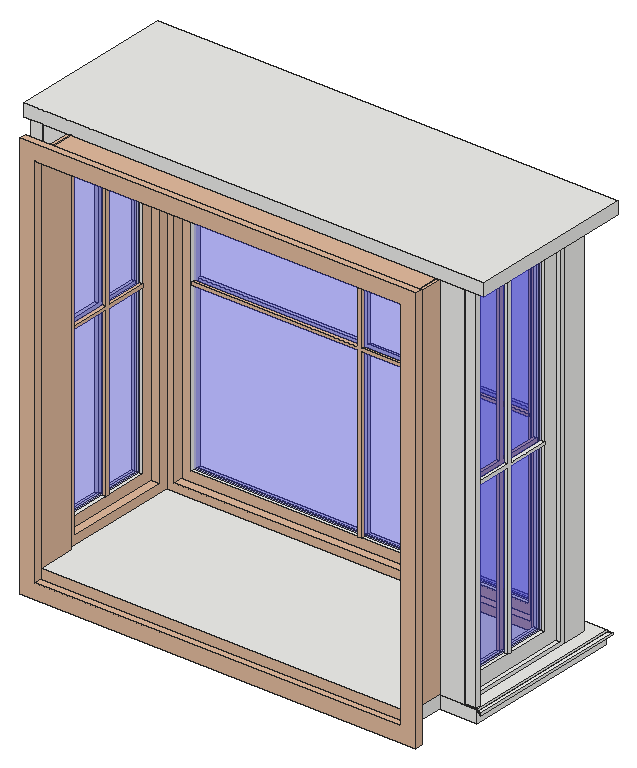
Revit family "M_Janela-compartimento-batente-caixa-ângulo de 90 graus-fixa no centro", category Janelas, Revit 2019
Family settings
  Hospedeiro = Parede
  Número OmniClass = 23.30.20.21.11.11
  Título OmniClass = Bay Windows
  Sempre na vertical = Sim
  Corte com vazios quando carregada = Não
  Compartilhado = Não
  Ponto de cálculo do ambiente = Não
Parameters (values of type "1500 x 1500 x 600mm")
  Width = 1500 mm
  Espessura da parede [instance] = 150 mm
  Visual Light Transmittance = 0.9
  Largura da apara = Width + 203.2 mm  # 1703.2 mm
  Altura da moldura = Height  # 1500 mm
  Resistência térmica (R) = 0.271104 (m²·K)/W
  Solar Heat Gain Coefficient = 0.86
  Rough Width = Width + 15 mm  # 1515 mm
  Rough Height = Height + 15 mm  # 1515 mm
  Visibilidade do montante lateral = yes
  Padrão do montante lateral = M_Padrão do montante_2x2 : M_Padrão do montante_2x2
  Visibilidade do montante central = yes
  Padrão do montante central = M_Padrão do montante_2x2 : M_Padrão do montante_2x2
  Visibilidade do recorte interior [instance] = yes
  Material da apara interior = Madeira – Manchada
  Altura 1 = Height + 50.8 mm  # 1550.8 mm
  Height = 1500 mm
  Coeficiente de transferência de calor (U) = 3.6886 W/(m²·K)
  Classificação de incêndio = "0.5h"
  Visibilidade da apara externa [instance] = yes
  Material da apara externa = Revestimento – Branco
  Apara externa = M_Moldura-janela-compartimento-exterior-plana : com peitoril
  Linear = 600 mm
  Recorte interior = M_Moldura-janela-interior-plana : Quadro
  Material da moldura interior = Madeira – Manchada
  Material do painel de vidro = Vidro
  Material da moldura exterior = Revestimento – Branco
  Altura-padrão do peitoril = 600 mm
  Fechamento da parede = Por hospedeiro
  Código de montagem = "B2020100"
  Construção analítica = "Vidraça única Pilkington 1/8 pol"
Reference planes
  plane 1 "Centro (Frente/Trás)": y = 0
  plane 2: z = 0
  plane 3 "Centro (Esquerda/Direita)": x = 0
  plane 4 "Esquerda": x = -750
  plane 5 "Direita": x = 750
  plane 6 "Peitoril": z = 600
  plane 7 "Superior": z = 2150.8
  plane 8: y = 675
  plane 9 "Exterior": y = 75
  plane 10 "Interior": y = -75
  plane 11: z = 650.8
  plane 12: x = -851.6
  plane 13: x = 851.6
  plane 14: x = -788.1
  plane 15: x = 788.1
  plane 16: z = 2201.6
  plane 17: y = 573.4
  plane 18: x = -737.3
  plane 19: x = 737.3
  plane 20: x = 718.25
  plane 21: y = 611.5
  plane 22: y = 655.95
  plane 23: x = 680.15
  plane 24: x = -718.25
  plane 25: y = 106.75
  plane 26: y = 87.7
  plane 27: y = 144.85
  plane 28: x = -832.55
  plane 29: y = 643.25
  plane 30: y = 636.9
  plane 31: y = 630.55
  plane 32: y = 624.2
  plane 33: x = -819.85
  plane 34: x = -813.5
  plane 35: x = -807.15
  plane 36: x = -800.8
  plane 37: x = 832.55
  plane 38: x = 819.85
  plane 39: x = 813.5
  plane 40: x = 807.15
  plane 41: x = 800.8
  plane 42: z = 1375.4
  plane 43: y = 633.725
  plane 44: x = -810.325
  plane 45: x = 810.325
  plane 46: z = 1400.8
  plane 47: z = 2138.1
  plane 48: x = -680.15
  plane 49: z = 2080.95
  plane 50: y = 503.55
  plane 51: y = 633.725
Forms (mm)
  Extrusion 1, solid, material "Revestimento – Branco" <- "Material da moldura exterior"
    sketch origin (0, 0, 600) x (0, -1, 0) y (1, 0, 0)
      loop
        line (-725.8, -902.4) -> (-75, -902.4) -> (-75, -750) -> (75, -750) -> (75, 750) -> (-75, 750) -> (-75, 902.4) -> (-725.8, 902.4) -> (-725.8, -902.4)
    from 0 to 50.8
  Extrusion 2, solid, material "Revestimento – Branco" <- "Material da moldura exterior"
    sketch origin (0, 0, 600) x (0, -1, 0) y (1, 0, 0)
      loop
        line (-751.2, -927.8) -> (-75, -927.8) -> (-75, 927.8) -> (-751.2, 927.8) -> (-751.2, -927.8)
    from 1550.8 to 1601.6
  Extrusion 3, solid, material "Revestimento – Branco" <- "Material da moldura exterior"
    sketch origin (0, 0, 600) x (0, -1, 0) y (1, 0, 0)
      loop
        line (-675, -851.6) -> (-573.4, -851.6) -> (-573.4, -750) -> (-675, -750) -> (-675, -851.6)
      loop
        line (-675, 750) -> (-573.4, 750) -> (-573.4, 851.6) -> (-675, 851.6) -> (-675, 750)
    from 50.8 to 1550.8
  Sweep 4, solid, material "Revestimento – Branco" <- "Material da moldura exterior"
    path origin (0, 0, 0) x (1, 0, 0) y (0, 0, 1)
      loop
        line (750, 2150.8) -> (-750, 2150.8) -> (-750, 650.8) -> (750, 650.8) -> (750, 2150.8)
    profile origin (750, 0, 1400.8) x (0, -1, 0) y (1, 0, 0)
      loop
        line (-675, -12.7) -> (-611.5, -12.7) -> (-611.5, -31.75) -> (-573.4, -31.75) -> (-573.4, 0) -> (-675, 0) -> (-675, -12.7)
  Sweep 5, solid, material "Revestimento – Branco" <- "Material da moldura exterior"
    path origin (0, 0, 0) x (1, 0, 0) y (0, 0, 1)
      loop
        line (737.3, 663.5) -> (737.3, 2138.1) -> (-737.3, 2138.1) -> (-737.3, 663.5) -> (737.3, 663.5)
    profile origin (737.3, 0, 1400.8) x (-1, 0, 0) y (0, -1, 0)
      loop
        line (0, -655.95) -> (57.15, -655.95) -> (57.15, -611.5) -> (0, -611.5) -> (0, -655.95)
  Sweep 6, solid, material "Revestimento – Branco" <- "Material da moldura exterior"
    path origin (-750, 0, 0) x (0, -1, 0) y (0, 0, 1)
      loop
        line (-75, 650.8) -> (-75, 2150.8) -> (-573.4, 2150.8) -> (-573.4, 650.8) -> (-75, 650.8)
    profile origin (-750, 75, 1400.8) x (0, 1, 0) y (-1, 0, 0)
      loop
        line (12.7, 101.6) -> (0, 101.6) -> (0, 0) -> (31.75, 0) -> (31.75, 38.1) -> (12.7, 38.1) -> (12.7, 101.6)
  Sweep 7, solid, material "Revestimento – Branco" <- "Material da moldura exterior"
    path origin (-750, 0, 0) x (0, -1, 0) y (0, 0, 1)
      loop
        line (-560.7, 663.5) -> (-87.7, 663.5) -> (-87.7, 2138.1) -> (-560.7, 2138.1) -> (-560.7, 663.5)
    profile origin (-750, 560.7, 1400.8) x (0, 1, 0) y (-1, 0, 0)
      loop
        line (-57.15, 82.55) -> (-57.15, 38.1) -> (0, 38.1) -> (0, 82.55) -> (-57.15, 82.55)
  Sweep 8, solid, material "Revestimento – Branco" <- "Material da moldura exterior"
    path origin (750, 0, 0) x (0, -1, 0) y (0, 0, 1)
      loop
        line (-75, 650.8) -> (-75, 2150.8) -> (-573.4, 2150.8) -> (-573.4, 650.8) -> (-75, 650.8)
    profile origin (750, 75, 1400.8) x (0, 1, 0) y (-1, 0, 0)
      loop
        line (31.75, 0) -> (0, 0) -> (0, -101.6) -> (12.7, -101.6) -> (12.7, -38.1) -> (31.75, -38.1) -> (31.75, 0)
  Sweep 9, solid, material "Revestimento – Branco" <- "Material da moldura exterior"
    path origin (750, 0, 0) x (0, -1, 0) y (0, 0, 1)
      loop
        line (-560.7, 663.5) -> (-87.7, 663.5) -> (-87.7, 2138.1) -> (-560.7, 2138.1) -> (-560.7, 663.5)
    profile origin (750, 560.7, 1400.8) x (0, 1, 0) y (-1, 0, 0)
      loop
        line (0, -38.1) -> (-57.15, -38.1) -> (-57.15, -82.55) -> (0, -82.55) -> (0, -38.1)
  Extrusion 10, solid, material "Vidro" <- "Material do painel de vidro"
    sketch origin (0, 0, 600) x (0, -1, 0) y (1, 0, 0)
      loop
        line (-643.25, -680.15) -> (-636.9, -680.15) -> (-636.9, 680.15) -> (-643.25, 680.15) -> (-643.25, -680.15)
      loop
        line (-630.55, -680.15) -> (-624.2, -680.15) -> (-624.2, 680.15) -> (-630.55, 680.15) -> (-630.55, -680.15)
    from 120.65 to 1480.95
  Extrusion 11, solid, material "Vidro" <- "Material do painel de vidro"
    sketch origin (0, 0, 600) x (0, -1, 0) y (1, 0, 0)
      loop
        line (-503.55, -819.85) -> (-144.85, -819.85) -> (-144.85, -813.5) -> (-503.55, -813.5) -> (-503.55, -819.85)
      loop
        line (-503.55, -807.15) -> (-144.85, -807.15) -> (-144.85, -800.8) -> (-503.55, -800.8) -> (-503.55, -807.15)
    from 120.65 to 1480.95
  Extrusion 12, solid, material "Vidro" <- "Material do painel de vidro"
    sketch origin (0, 0, 600) x (0, -1, 0) y (1, 0, 0)
      loop
        line (-503.55, 813.5) -> (-144.85, 813.5) -> (-144.85, 819.85) -> (-503.55, 819.85) -> (-503.55, 813.5)
      loop
        line (-503.55, 800.8) -> (-144.85, 800.8) -> (-144.85, 807.15) -> (-503.55, 807.15) -> (-503.55, 800.8)
    from 120.65 to 1480.95
  Sweep 13, solid, material "Revestimento – Branco" <- "Material da moldura exterior"
    path origin (750, 0, 0) x (0, -1, 0) y (0, 0, 1)
      loop
        line (-75, 650.8) -> (-75, 2150.8) -> (-573.4, 2150.8) -> (-573.4, 650.8) -> (-75, 650.8)
    profile origin (750, 75, 1400.8) x (0, 1, 0) y (-1, 0, 0)
      loop
        line (31.75, 0) -> (0, 0) -> (0, -101.6) -> (12.7, -101.6) -> (12.7, -38.1) -> (31.75, -38.1) -> (31.75, 0)
  Extrusion 14, solid, material "Madeira – Manchada" <- "Material da moldura interior", visible <- "Visibilidade do recorte interior"
    sketch origin (0, 0, 600) x (0, -1, 0) y (1, 0, 0)
      loop
        line (-75, -750) -> (75, -750) -> (75, -737.3) -> (-75, -737.3) -> (-75, -750)
      loop
        line (-75, 750) -> (-75, 737.3) -> (75, 737.3) -> (75, 750) -> (-75, 750)
    from 50.8 to 1550.8
  Extrusion 15, solid, material "Madeira – Manchada" <- "Material da moldura interior", visible <- "Visibilidade do recorte interior"
    sketch origin (0, 0, 600) x (0, -1, 0) y (1, 0, 0)
      loop
        line (75, -737.3) -> (75, 737.3) -> (-573.4, 737.3) -> (-573.4, -737.3) -> (75, -737.3)
    from 1538.1 to 1550.8
Lines and regions (mm)
  Opening 1
    outline origin (-1192.978, -75, 0) x (1, 0, 0) y (0, 0, 1)
      loop
        line (442.978, 2150.8) -> (442.978, 600) -> (1942.978, 600) -> (1942.978, 2150.8) -> (442.978, 2150.8)
  Split face 1
    outline origin (0, 0, 650.8) x (0, -1, 0) y (1, 0, 0)
      loop
        line (-75, -851.6) -> (-675, -851.6) -> (-675, 851.6) -> (-75, 851.6)
  Split face 2
    outline origin (832.55, 503.55, 720.65) x (0, 0, 1) y (-1, 0, 0)
      loop
        line (1360.3, 31.75) -> (0, 31.75)
  Split face 3
    outline origin (832.55, 144.85, 720.65) x (0, 1, 0) y (-1, 0, 0)
      loop
        line (358.7, 31.75) -> (0, 31.75)
  Split face 4
    outline origin (832.55, 144.85, 2080.95) x (0, 0, -1) y (-1, 0, 0)
      loop
        line (0, 31.75) -> (1360.3, 31.75)
  Split face 5
    outline origin (832.55, 503.55, 2080.95) x (-1, 0, 0) y (0, -1, 0)
      loop
        line (31.75, 0) -> (31.75, 358.7)
  Split face 6
    outline origin (-788.1, 503.55, 720.65) x (0, 0, 1) y (-1, 0, 0)
      loop
        line (1360.3, 12.7) -> (0, 12.7)
  Split face 7
    outline origin (-788.1, 144.85, 720.65) x (0, 1, 0) y (-1, 0, 0)
      loop
        line (358.7, 12.7) -> (0, 12.7)
  Split face 8
    outline origin (-788.1, 503.55, 2080.95) x (-1, 0, 0) y (0, -1, 0)
      loop
        line (12.7, 0) -> (12.7, 358.7)
  Split face 9
    outline origin (-680.15, 611.5, 2080.95) x (0, 0, -1) y (0, 1, 0)
      loop
        line (1360.3, 12.7) -> (0, 12.7)
  Split face 10
    outline origin (680.15, 611.5, 2080.95) x (0, 1, 0) y (-1, 0, 0)
      loop
        line (12.7, 1360.3) -> (12.7, 0)
  Split face 11
    outline origin (680.15, 611.5, 720.65) x (0, 0, 1) y (0, 1, 0)
      loop
        line (1360.3, 12.7) -> (0, 12.7)
  Split face 12
    outline origin (-680.15, 611.5, 720.65) x (1, 0, 0) y (0, 1, 0)
      loop
        line (0, 12.7) -> (1360.3, 12.7)
  Masking region 1
    outline origin (0, 0, 600) x (0, -1, 0) y (1, 0, 0)
      loop
        line (-573.4, -750) -> (75, -750) -> (75, 750) -> (-573.4, 750) -> (-573.4, -750)
  Masking region 2
    outline origin (0, 0, 600) x (0, -1, 0) y (1, 0, 0)
      loop
        line (-675, -851.6) -> (-573.4, -851.6) -> (-573.4, -750) -> (-675, -750) -> (-675, -851.6)
      loop
        line (-675, 750) -> (-573.4, 750) -> (-573.4, 851.6) -> (-675, 851.6) -> (-675, 750)
  Split face 13
    outline origin (0, 0, 2150.8) x (0, -1, 0) y (1, 0, 0)
      loop
        line (-75, -788.1) -> (-573.4, -788.1) -> (-573.4, 750) -> (-75, 750)
  Masking region 3
    outline origin (0, 0, 0) x (0, 1, 0) y (0, 0, 1)
      loop
        line (-75, 2201.6) -> (-75, 2150.8) -> (-75, 650.8) -> (-75, 600) -> (725.8, 600) -> (725.8, 650.8) -> (573.4, 650.8) -> (573.4, 2150.8) -> (751.2, 2150.8) -> (751.2, 2201.6) -> (-75, 2201.6)
  symbolic lines, style "Giro da elevação"
    curve 1: line (-750, 573.4, 2150.8) -> (-750, 75, 1400.8)
    curve 2: line (-750, 75, 1400.8) -> (-750, 573.4, 650.8)
  symbolic lines, style "WindowsFrameMullionProjection"
    curve 3: line (0, 75, 2150.8) -> (0, 75, 650.8)
    curve 4: line (0, 144.85, 2080.95) -> (0, 503.55, 2080.95)
    curve 5: line (0, 144.85, 720.65) -> (0, 144.85, 2080.95)
    curve 6: line (0, 503.55, 720.65) -> (0, 144.85, 720.65)
    curve 7: line (0, 503.55, 2080.95) -> (0, 503.55, 720.65)
    curve 8: line (0, 573.4, 2150.8) -> (0, -75, 2150.8)
    curve 9: line (0, 573.4, 650.8) -> (0, -75, 650.8)
Text (mm)
  text "EXTERIOR" at (-1490.695, 1293.036, 0), in view "Nível de referência"
  text "INTERIOR" at (-1490.695, -959.266, 0), in view "Nível de referência"
  text "Exterior" at (0, 1108.87, 3129.179), in view "Esquerda"
  text "Exterior" at (0, 464.664, 3176.206), in view "Direita"
Dimensions and locks
  equal spacing: plane 4 "Esquerda", plane 3 "Centro (Esquerda/Direita)", plane 5 "Direita"
  "Width": plane 4 "Esquerda" to plane 5 "Direita"
  "Altura 1": plane 6 "Peitoril" to plane 7 "Superior"
  "Altura-padrão do peitoril": plane 2 to plane 6 "Peitoril"
  "Linear": plane 8 to plane 9 "Exterior"
  locked: plane 6 "Peitoril" to plane 11 at 50.8
  locked: plane 8 to plane 17 at 101.6
  "Espessura da parede": plane 9 "Exterior" to plane 10 "Interior"
  Extrusion 2 sketch curve to plane 12 = 76.2 mm
  plane 13 to Extrusion 2 sketch curve = 76.2 mm
  plane 8 to Extrusion 2 sketch curve = 76.2 mm
  locked: plane 8 to plane 22 at 19.05
  locked: plane 22 to plane 21 at 44.45
  locked: plane 4 "Esquerda" to plane 18 at 12.7
  locked: plane 18 to plane 24 at 19.05
  locked: plane 12 to plane 4 "Esquerda" at 101.6
  locked: plane 25 to plane 9 "Exterior" at 31.75
  locked: plane 26 to plane 9 "Exterior" at 12.7
  locked: plane 27 to plane 26 at 57.15
  locked: plane 28 to plane 14 at 44.45
  locked: plane 5 "Direita" to plane 15 at 38.1
  locked: plane 15 to plane 13 at 63.5
  locked: plane 19 to plane 5 "Direita" at 12.7
  locked: plane 20 to plane 19 at 19.05
  locked: plane 23 to plane 20 at 38.1
  locked: plane 14 to plane 4 "Esquerda" at 38.1
  locked: Sweep 7 sketch curve to plane 14 at 44.45
  locked: Sweep 7 sketch curve to profile plane at 57.15
  locked: plane 22 to plane 29 at 12.7
  locked: plane 29 to plane 30 at 6.35
  locked: plane 30 to plane 31 at 6.35
  locked: plane 31 to plane 32 at 6.35
  locked: plane 28 to plane 33 at 12.7
  locked: plane 33 to plane 34 at 6.35
  locked: plane 34 to plane 35 at 6.35
  locked: plane 35 to plane 36 at 6.35
  locked: plane 37 to plane 13 at 19.05
  locked: plane 38 to plane 37 at 12.7
  locked: plane 39 to plane 38 at 6.35
  locked: plane 40 to plane 39 at 6.35
  locked: plane 41 to plane 40 at 6.35
  Extrusion 12 sketch curve to Extrusion 12 sketch curve to Extrusion 12 sketch curve = 6.35 mm, 6.35 mm
  locked: Extrusion 1 sketch curve to plane 12 at 50.8
  locked: plane 8 to Extrusion 1 sketch curve at 50.8
  locked: plane 13 to Extrusion 1 sketch curve at 50.8
  equal spacing: plane 6 "Peitoril", plane 42, plane 7 "Superior"
  equal spacing: plane 30, plane 43, plane 31
  equal spacing: plane 35, plane 44, plane 34
  equal spacing: plane 39, plane 45, plane 40
  locked: plane 7 "Superior" to plane 16 at 50.8
  locked: Extrusion 14 sketch curve to plane 5 "Direita" at 12.7
  locked: Extrusion 15 sketch curve to plane 5 "Direita" at 12.7
  Extrusion 10 to Extrusion 15 = 1417.45 mm
  locked: plane 7 "Superior" to plane 47 at 12.7
  equal spacing: plane 11, plane 46, plane 7 "Superior"
  locked: plane 18 to plane 48 at 57.15
  locked: plane 49 to plane 47 at 57.15
  locked: plane 17 to plane 50 at 69.85
  equal spacing: plane 30, plane 51, plane 31
  aligned and locked: plane 7 "Superior" to Opening 1 sketch curve
  aligned and locked: plane 6 "Peitoril" to Opening 1 sketch curve  (x2)
  aligned and locked: plane 5 "Direita" to Opening 1 sketch curve
  aligned and locked: plane 4 "Esquerda" to Opening 1 sketch curve
  aligned and locked: level to plane 2
  aligned and locked: host wall to plane 9 "Exterior"
  aligned and locked: plane 10 "Interior" to host wall
  aligned and locked: host wall to Extrusion 1 sketch curve
  aligned and locked: plane 11 to Extrusion 1
  aligned and locked: Extrusion 1 sketch curve to plane 9 "Exterior"  (x2)
  aligned and locked: Extrusion 2 to host wall
  aligned and locked: plane 16 to Extrusion 2
  aligned and locked: Extrusion 3 sketch curve to plane 17  (x2)
  aligned and locked: Extrusion 3 sketch curve to plane 4 "Esquerda"
  aligned and locked: plane 8 to Extrusion 3 sketch curve
  aligned and locked: plane 5 "Direita" to Extrusion 3 sketch curve
  aligned and locked: plane 13 to Extrusion 3 sketch curve
  aligned and locked: Extrusion 3 to host wall
  aligned and locked: Extrusion 3 to Extrusion 1
  aligned and locked: Sweep 4 sketch curve to plane 11
  aligned and locked: plane 4 "Esquerda" to Sweep 4 sketch curve
  aligned and locked: Sweep 4 sketch curve to plane 7 "Superior"
  aligned and locked: plane 8 to Sweep 4 sketch curve
  aligned and locked: plane 21 to Sweep 4 sketch curve
  aligned and locked: Sweep 5 sketch curve to Sweep 4  (x4)
  aligned and locked: plane 22 to Sweep 5 sketch curve
  aligned and locked: Sweep 5 sketch curve to plane 21
  aligned and locked: host wall to plane 1 "Centro (Frente/Trás)"
  aligned and locked: host wall to Sweep 6 sketch curve
  aligned and locked: Extrusion 1 to Sweep 6 sketch curve
  aligned and locked: Sweep 6 sketch curve to plane 7 "Superior"
  aligned and locked: plane 17 to Sweep 6 sketch curve
  aligned and locked: Extrusion 3 to Sweep 8 sketch curve
  aligned and locked: plane 7 "Superior" to Sweep 8 sketch curve
  aligned and locked: plane 9 "Exterior" to Sweep 8 sketch curve  (x2)
  aligned and locked: Sweep 8 sketch curve to plane 17
  aligned and locked: Sweep 8 sketch curve to plane 5 "Direita"
  aligned and locked: Sweep 8 sketch curve to plane 25
  aligned and locked: plane 15 to Sweep 8 sketch curve
  aligned and locked: Sweep 8 sketch curve to plane 26
  aligned and locked: Sweep 8 sketch curve to plane 13
  aligned and locked: Sweep 6 sketch curve to plane 26
  aligned and locked: Sweep 6 sketch curve to plane 25
  aligned and locked: profile plane to Sweep 6 sketch curve
  aligned and locked: plane 14 to Sweep 6 sketch curve
  aligned and locked: Sweep 6 sketch curve to plane 12
  aligned and locked: Sweep 9 sketch curve to plane 15
  aligned and locked: plane 14 to Sweep 7 sketch curve
  aligned and locked: Sweep 7 sketch curve to profile plane
  aligned and locked: plane 29 to Extrusion 10 sketch curve
  aligned and locked: Extrusion 10 sketch curve to Sweep 5  (x4)
  aligned and locked: Extrusion 10 sketch curve to plane 30
  aligned and locked: plane 31 to Extrusion 10 sketch curve
  aligned and locked: plane 32 to Extrusion 10 sketch curve
  aligned and locked: Extrusion 10 to Sweep 5  (x2)
  aligned and locked: Extrusion 11 sketch curve to Sweep 7  (x4)
  aligned and locked: Extrusion 11 sketch curve to plane 33
  aligned and locked: plane 34 to Extrusion 11 sketch curve
  aligned and locked: Extrusion 11 sketch curve to plane 35
  aligned and locked: plane 36 to Extrusion 11 sketch curve
  aligned and locked: Extrusion 11 to Sweep 9  (x2)
  aligned and locked: plane 37 to Sweep 9 sketch curve
  aligned and locked: Extrusion 12 sketch curve to Sweep 9  (x2)
  aligned and locked: Extrusion 12 sketch curve to plane 27  (x2)
  aligned and locked: plane 38 to Extrusion 12 sketch curve
  aligned and locked: plane 40 to Extrusion 12 sketch curve
  aligned and locked: Extrusion 12 to Extrusion 11  (x2)
  aligned and locked: plane 12 to Extrusion 3 sketch curve
  aligned and locked: Extrusion 3 sketch curve to plane 8
  aligned and locked: Sweep 5 to nested 1
  aligned and locked: plane 7 "Superior" to Extrusion 2
  aligned and locked: Extrusion 2 to plane 16
  aligned and locked: Extrusion 12 to nested 2
  aligned and locked: plane 12 to Split face 1 sketch curve
  aligned and locked: Split face 1 sketch curve to plane 8
  aligned and locked: Split face 1 sketch curve to plane 13
  aligned and locked: plane 45 to nested 3
  aligned and locked: nested 2 to plane 44
  aligned and locked: Sweep 7 sketch curve to Sweep 6
  aligned and locked: Extrusion 11 to Sweep 7
  aligned and locked: plane 41 to Split face 2 sketch curve
  aligned and locked: Split face 3 sketch curve to plane 41
  aligned and locked: plane 41 to Split face 4 sketch curve
  aligned and locked: Split face 5 sketch curve to plane 41
  aligned and locked: plane 36 to Split face 6 sketch curve
  aligned and locked: Split face 7 sketch curve to plane 36
  aligned and locked: Split face 8 sketch curve to plane 36
  aligned and locked: Split face 9 sketch curve to plane 32
  aligned and locked: Split face 10 sketch curve to plane 32
  aligned and locked: plane 32 to Split face 11 sketch curve
  aligned and locked: Split face 12 sketch curve to plane 32
  aligned and locked: plane 10 "Interior" to Masking region 1 sketch curve
  aligned and locked: Masking region 1 sketch curve to plane 4 "Esquerda"
  aligned and locked: plane 5 "Direita" to Masking region 1 sketch curve
  aligned and locked: Masking region 2 sketch curve to Extrusion 1  (x2)
  aligned and locked: Sweep 4 to Masking region 2 sketch curve
  aligned and locked: Masking region 2 sketch curve to Sweep 6
  aligned and locked: Masking region 2 sketch curve to Extrusion 3  (x2)
  aligned and locked: Masking region 2 sketch curve to Sweep 8
  aligned and locked: nested 3 to Extrusion 11
  aligned and locked: plane 14 to Split face 13 sketch curve
  aligned and locked: plane 5 "Direita" to Split face 13 sketch curve
  aligned and locked: Split face 13 sketch curve to plane 17
  aligned and locked: Sweep 4 to Sweep 4
  aligned and locked: nested 4 to plane 8
  aligned and locked: nested 4 to Sweep 4
  aligned and locked: nested 5 to Extrusion 3
  aligned and locked: plane 12 to nested 5
  aligned and locked: host wall to nested 5
  aligned and locked: nested 6 to plane 9 "Exterior"
  aligned and locked: plane 5 "Direita" to nested 6
  aligned and locked: nested 6 to plane 17
  aligned and locked: nested 7 to host wall
  aligned and locked: plane 3 "Centro (Esquerda/Direita)" to nested 7
  aligned and locked: Sweep 13 sketch curve to plane 5 "Direita"
  aligned and locked: Sweep 13 sketch curve to plane 25
  aligned and locked: plane 15 to Sweep 13 sketch curve
  aligned and locked: Sweep 13 sketch curve to plane 26
  aligned and locked: Sweep 13 sketch curve to plane 13
  aligned and locked: plane 9 "Exterior" to Sweep 13 sketch curve
  aligned and locked: plane 11 to nested 7
  aligned and locked: plane 18 to Extrusion 14 sketch curve
  aligned and locked: Extrusion 14 sketch curve to plane 4 "Esquerda"
  aligned and locked: Extrusion 14 sketch curve to plane 9 "Exterior"
  aligned and locked: plane 10 "Interior" to Extrusion 14 sketch curve
  aligned and locked: Extrusion 14 sketch curve to plane 5 "Direita"
  aligned and locked: plane 9 "Exterior" to Extrusion 14 sketch curve
  aligned and locked: Extrusion 14 sketch curve to plane 10 "Interior"
  aligned and locked: Extrusion 14 to plane 11
  aligned and locked: Extrusion 14 to plane 7 "Superior"
  aligned and locked: Extrusion 15 sketch curve to plane 18
  aligned and locked: Extrusion 15 sketch curve to plane 10 "Interior"
  aligned and locked: plane 17 to Extrusion 15 sketch curve
  aligned and locked: Extrusion 15 to plane 7 "Superior"
  aligned and locked: Extrusion 15 to plane 47
  aligned and locked: Masking region 3 sketch curve to plane 16
  aligned and locked: Masking region 3 sketch curve to Extrusion 2
  aligned and locked: Masking region 3 sketch curve to plane 7 "Superior"
  aligned and locked: Masking region 3 sketch curve to plane 10 "Interior"
  aligned and locked: plane 6 "Peitoril" to Masking region 3 sketch curve
  aligned and locked: Masking region 3 sketch curve to Extrusion 1
  aligned and locked: plane 11 to Masking region 3 sketch curve
  aligned and locked: plane 17 to Masking region 3 sketch curve
  aligned and locked: curve 3 to plane 9 "Exterior"
  aligned and locked: plane 11 to curve 9
  aligned and locked: curve 8 to plane 7 "Superior"
  aligned and locked: curve 4 to Sweep 7
  aligned and locked: curve 7 to Sweep 7
  aligned and locked: plane 27 to curve 5
  aligned and locked: curve 6 to Sweep 7
  aligned and locked: plane 17 to curve 9
  aligned and locked: plane 46 to curve 2
  aligned and locked: plane 9 "Exterior" to curve 2
  aligned and locked: plane 17 to curve 1
  aligned and locked: plane 7 "Superior" to curve 1
  aligned and locked: nested 1 to plane 48
  aligned and locked: plane 49 to nested 1
  aligned and locked: nested 2 to plane 49
  aligned and locked: nested 3 to plane 49
  aligned and locked: plane 27 to nested 2
  aligned and locked: nested 3 to plane 27
  aligned and locked: plane 50 to nested 3
  aligned and locked: nested 2 to plane 50
  aligned and locked: nested 1 to plane 51
  aligned and locked: plane 7 "Superior" to nested 8
  aligned and locked: plane 3 "Centro (Esquerda/Direita)" to nested 8
  aligned and locked: nested 4 to plane 5 "Direita"
  aligned and locked: Sweep 4 sketch curve to plane 5 "Direita"
  aligned and locked: plane 23 to nested 1
Automatic sketch dimensions
  Extrusion 1 sketch curve to plane 4 "Esquerda" = 0 mm
  Extrusion 1 sketch curve to plane 5 "Direita" = 0 mm
  Extrusion 2 sketch curve to host wall = 0 mm
  Sweep 5 sketch curve to profile plane = 57.15 mm
  profile plane to Sweep 6 sketch curve = 0 mm
  Sweep 7 sketch curve to plane 26 = 0 mm
  Sweep 7 sketch curve to plane 17 = 12.7 mm
  plane 11 to Sweep 7 sketch curve = 12.7 mm
  Sweep 9 sketch curve to plane 26 = 0 mm
  Sweep 9 sketch curve to plane 17 = 12.7 mm
  plane 11 to Sweep 9 sketch curve = 12.7 mm
  plane 7 "Superior" to Sweep 9 sketch curve = 12.7 mm
  profile plane to Sweep 9 sketch curve = 0 mm
  Sweep 9 sketch curve to Sweep 9 sketch curve = 57.15 mm
  Extrusion 1 to Split face 1 sketch curve = 0 mm  (x2)
  Split face 2 sketch curve to Sweep 9 = 0 mm  (x2)
  Split face 3 sketch curve to Sweep 9 = 0 mm
  Sweep 9 to Split face 3 sketch curve = 0 mm
  Split face 4 sketch curve to Sweep 9 = 0 mm  (x2)
  Sweep 9 to Split face 5 sketch curve = 0 mm
  Split face 5 sketch curve to Sweep 9 = 0 mm
  Split face 6 sketch curve to Sweep 7 = 0 mm  (x2)
  Split face 7 sketch curve to Sweep 7 = 0 mm
  Sweep 7 to Split face 7 sketch curve = 0 mm
  Sweep 7 to Split face 8 sketch curve = 0 mm
  Split face 8 sketch curve to Sweep 7 = 0 mm
  Sweep 5 to Split face 9 sketch curve = 0 mm
  Split face 9 sketch curve to Sweep 5 = 0 mm
  Split face 10 sketch curve to Sweep 5 = 0 mm  (x2)
  Split face 11 sketch curve to Sweep 5 = 0 mm
  Sweep 5 to Split face 11 sketch curve = 0 mm
  Split face 12 sketch curve to Sweep 5 = 0 mm  (x2)
  Extrusion 2 to Split face 13 sketch curve = 0 mm  (x2)
  Sweep 13 sketch curve to plane 11 = 0 mm
  Sweep 13 sketch curve to plane 17 = 0 mm
  Sweep 13 sketch curve to plane 9 "Exterior" = 0 mm
  Sweep 13 sketch curve to plane 7 "Superior" = 0 mm
  curve 8 to host wall = 0 mm
  curve 9 to host wall = 0 mm
  curve 8 to plane 17 = 0 mm
  curve 2 to plane 11 = 0 mm
  curve 2 to plane 17 = 0 mm
  plane 7 "Superior" to Masking region 3 sketch curve = 0 mm
  Masking region 3 sketch curve to plane 11 = 0 mm
  profile plane to Sweep 4 sketch curve = 12.7 mm
  Sweep 5 sketch curve to profile plane = 0 mm
  Sweep 4 sketch curve to Sweep 4 sketch curve = 31.75 mm
  Sweep 4 sketch curve to profile plane = 0 mm
  Sweep 4 sketch curve to Sweep 4 sketch curve = 38.1 mm
  Masking region 1 sketch curve to plane 17 = 0 mm
  Masking region 2 sketch curve to plane 8 = 0 mm
Nested families
  nested 1: "M_Padrão do montante_2x2" at (0, 633.725, 720.65), Material externo <- "Material da moldura exterior", Material interior <- "Material da moldura interior", visible <- "Visibilidade do montante central", type <- "Padrão do montante central", type "M_Padrão do montante_2x2"
    with Largura 1360.3 mm, Material interior Madeira – Manchada, Altura 1360.3 mm, Material externo Revestimento – Branco
  nested 2: "M_Padrão do montante_2x2" at (-810.325, 324.2, 720.65) x (0, -1, 0) z (0, 0, 1), Material externo <- "Material da moldura exterior", Material interior <- "Material da moldura interior", visible <- "Visibilidade do montante lateral", type <- "Padrão do montante lateral", type "M_Padrão do montante_2x2"
    with Largura 358.7 mm, Material interior Madeira – Manchada, Altura 1360.3 mm, Material externo Revestimento – Branco
  nested 3: "M_Padrão do montante_2x2" at (810.325, 324.2, 720.65) x (0, 1, 0) z (0, 0, 1), Material externo <- "Material da moldura exterior", Material interior <- "Material da moldura interior", type <- "Padrão do montante lateral", visible <- "Visibilidade do montante lateral", type "M_Padrão do montante_2x2"
    with Largura 358.7 mm, Material interior Madeira – Manchada, Altura 1360.3 mm, Material externo Revestimento – Branco
  nested 4: "M_Plano-compartimento-batente" at (0, 675, 650.8), Height <- "Altura da moldura", type "M_Plano-compartimento-batente"
    with Width 1500 mm, RH no, LH no, Height 1500 mm
  nested 5: "M_Plano-compartimento-batente" at (-851.6, 324.2, 650.8) x (0, 1, 0) z (0, 0, 1), type "M_Plano-compartimento-batente"
    with Width 498.4 mm, RH no, LH no, Height 1219.2 mm
  nested 6: "M_Plano-compartimento-batente" at (851.6, 324.2, 650.8) x (0, 1, 0) z (0, 0, 1), type "M_Plano-compartimento-batente"
    with Width 498.4 mm, RH no, LH no, Height 1219.2 mm
  nested 7: "M_Moldura-janela-compartimento-exterior-plana" at (0, 75, 650.8), Altura <- "Height", Largura <- "Largura da apara", type <- "Apara externa", visible <- "Visibilidade da apara externa", Linear <- "Linear", type "com peitoril"
    with Largura 1703.2 mm, Altura 1500 mm, Linear 600 mm
  nested 8: "M_Moldura-janela-interior-plana" at (0, -75, 2150.8) x (1, 0, 0) z (0, -1, 0), visible <- "Visibilidade do recorte interior", Material da apara <- "Material da apara interior", Largura da abertura <- "Width", Altura da abertura <- "Altura 1", type <- "Recorte interior", type "Quadro"
    with Material da apara Madeira – Manchada, Largura da abertura 1500 mm, Altura da abertura 1550.8 mm
Definition of nested family "M_Padrão do montante_2x2"
  Parameters (values of type "M_Padrão do montante_2x2")
    Largura [instance] = 1200 mm
    Espessura = 12.7 mm
    Altura [instance] = 1200 mm
    Material interior [instance] = none
    Material externo [instance] = none
    Distância = 19.05 mm
  Reference planes
    plane 1 "Centro (Frente/Trás)": y = 0
    plane 2: z = 0
    plane 3 "Centro (Esquerda/Direita)": x = 0
    plane 4: z = 1200
    plane 5: x = -600
    plane 6: x = 600
    plane 7: z = 600
    plane 8: y = 9.525
    plane 9: y = 22.225
    plane 10: y = -9.525
    plane 11: y = -22.225
  Forms (mm)
    Extrusion 1, solid, material <- "Material interior", detail levels fine
      sketch origin (0, 0, 0) x (1, 0, 0) y (0, 0, 1)
        loop
          line (-600, 606.35) -> (-600, 593.65) -> (-6.35, 593.65) -> (-6.35, 0) -> (6.35, 0) -> (6.35, 593.65) -> (600, 593.65) -> (600, 606.35) -> (6.35, 606.35) -> (6.35, 1200) -> (-6.35, 1200) -> (-6.35, 606.35) -> (-600, 606.35)
      from 9.525 to 22.225
    Extrusion 2, solid, material <- "Material externo", detail levels fine
      sketch origin (0, 0, 0) x (1, 0, 0) y (0, 0, -1)
        loop
          line (-600, -606.35) -> (-6.35, -606.35) -> (-6.35, -1200) -> (6.35, -1200) -> (6.35, -606.35) -> (600, -606.35) -> (600, -593.65) -> (6.35, -593.65) -> (6.35, 0) -> (-6.35, 0) -> (-6.35, -593.65) -> (-600, -593.65) -> (-600, -606.35)
      from 9.525 to 22.225
  Lines and regions (mm)
    model lines, detail levels medium
      curve 1: line (0, 9.525, 1200) -> (0, 9.525, 0)
      curve 2: line (-600, -9.525, 600) -> (600, -9.525, 600)
      curve 3: line (-600, 9.525, 600) -> (600, 9.525, 600)
      curve 4: line (0, -9.525, 1200) -> (0, -9.525, 0)
  Dimensions and locks
    equal spacing: plane 6, plane 3 "Centro (Esquerda/Direita)", plane 5
    "Largura": plane 6 to plane 5
    "Altura": plane 4 to plane 2
    equal spacing: plane 4, plane 7, plane 2
    locked: plane 3 "Centro (Esquerda/Direita)" to Extrusion 1 sketch curve at 6.35  (x4)
    locked: Extrusion 1 sketch curve to plane 7 at 6.35  (x2)
    locked: plane 7 to Extrusion 1 sketch curve at 6.35  (x2)
    "Espessura": plane 9 to plane 8
    "Espessura": plane 10 to plane 11
    "Distância": plane 8 to plane 10
    equal spacing: plane 8, plane 1 "Centro (Frente/Trás)", plane 10
    aligned and locked: plane 2 to level
    aligned and locked: plane 4 to curve 1
    aligned and locked: plane 5 to curve 2
    aligned and locked: plane 2 to curve 1
    aligned and locked: plane 6 to curve 2
    aligned and locked: Extrusion 1 sketch curve to plane 4
    aligned and locked: Extrusion 1 sketch curve to plane 6
    aligned and locked: Extrusion 1 sketch curve to plane 5
    aligned and locked: Extrusion 1 sketch curve to level
    aligned and locked: Extrusion 1 to plane 11
    aligned and locked: plane 10 to Extrusion 1
    aligned and locked: Extrusion 2 to plane 5
    aligned and locked: plane 6 to Extrusion 2
    aligned and locked: Extrusion 2 to plane 8
    aligned and locked: plane 9 to Extrusion 2
    aligned and locked: Extrusion 2 to plane 2
    aligned and locked: plane 4 to Extrusion 2
    aligned and locked: plane 5 to curve 3
    aligned and locked: plane 6 to curve 3
    aligned and locked: plane 4 to curve 4
    aligned and locked: plane 2 to curve 4
    aligned and locked: plane 8 to curve 3
  Automatic sketch dimensions
    curve 2 to plane 7 = 0 mm
    Extrusion 2 sketch curve to plane 5 = 0 mm
    Extrusion 2 sketch curve to level = 0 mm
    Extrusion 2 sketch curve to plane 4 = 0 mm
    Extrusion 2 sketch curve to plane 6 = 0 mm
    Extrusion 2 sketch curve to plane 3 "Centro (Esquerda/Direita)" = 6.35 mm  (x2)
    plane 3 "Centro (Esquerda/Direita)" to Extrusion 2 sketch curve = 6.35 mm  (x2)
    plane 7 to Extrusion 2 sketch curve = 6.35 mm  (x2)
    Extrusion 2 sketch curve to plane 7 = 6.35 mm  (x2)
    curve 4 to plane 3 "Centro (Esquerda/Direita)" = 0 mm
    curve 4 to level = 0 mm
    curve 4 to plane 4 = 0 mm
    curve 3 to plane 6 = 0 mm
    curve 1 to plane 3 "Centro (Esquerda/Direita)" = 0 mm
    curve 3 to plane 5 = 0 mm
    curve 3 to plane 7 = 0 mm
Definition of nested family "M_Moldura-janela-compartimento-exterior-plana"
  Parameters (values of type "com peitoril")
    Peitoril = yes
    Largura [instance] = 1700 mm
    Material = none
    Quadro = no
    Altura [instance] = 1200 mm
    Linear [instance] = 900 mm
  Types (2, lengths in mm): name | Peitoril | Quadro
    com peitoril | yes | no
    Quadro | no | yes
  Reference planes
    plane 1 "Centro (Frente/Trás)": y = 0
    plane 2: z = 0
    plane 3 "Centro (Esquerda/Direita)": x = 0
    plane 4: x = -900.8
    plane 5: x = 900.8
    plane 6: y = 950.8
    plane 7: x = -850
    plane 8: z = 1200
    plane 9: x = -894.45
    plane 10: x = 850
    plane 11: x = 894.45
    plane 12: z = 1155.55
    plane 13: y = 19.05
    plane 14: z = 600
    plane 15: y = 900
    plane 16: y = 31.75
  Forms (mm)
    Sweep 1, solid, material <- "Material", visible <- "Peitoril"
      path origin (0, 0, 0) x (1, 0, 0) y (0, 1, 0)
        loop
          line (-900.8, 0) -> (-900.8, 950.8) -> (900.8, 950.8) -> (900.8, 0)
      profile origin (-900.8, 475.4, 0) x (-1, 0, 0) y (0, 0, 1)
        loop
          line (12.497, -9.534) -> (12.497, -15.673) -> (10.135, -15.673) -> (10.135, -17.133) -> (14.097, -17.133) -> (14.097, -8.191) -> (1.397, -5.952) -> (1.397, 2.749) -> (-50.8, 2.749) -> (-50.8, 0) -> (0, 0) -> (0, -7.33) -> (12.497, -9.534)
    Extrusion 2, solid, material <- "Material", visible <- "Peitoril"
      sketch origin (0, 0, 0) x (1, 0, 0) y (0, 0, 1)
        loop
          line (-894.45, 2.749) -> (-850, 2.749) -> (-850, 1200) -> (-894.45, 1200) -> (-894.45, 2.749)
        loop
          line (894.45, 1200) -> (850, 1200) -> (850, 2.749) -> (894.45, 2.749) -> (894.45, 1200)
      from -19.05 to 0
    Sweep 3, solid, material <- "Material", visible <- "Quadro"
      path origin (0, 0, 0) x (1, 0, 0) y (0, 1, 0)
        loop
          line (-900.8, 0) -> (-900.8, 950.8) -> (900.8, 950.8) -> (900.8, 0)
      profile origin (-900.8, 475.4, 0) x (-1, 0, 0) y (0, 0, 1)
        loop
          line (-50.8, 2.749) -> (-50.8, 0) -> (0, 0) -> (0, -17.133) -> (1.397, -17.133) -> (1.397, 2.749) -> (-50.8, 2.749)
    Extrusion 4, solid, material <- "Material", visible <- "Quadro"
      sketch origin (0, 0, 0) x (1, 0, 0) y (0, 0, 1)
        loop
          line (-894.45, 2.749) -> (-850, 2.749) -> (-850, 1200) -> (-894.45, 1200) -> (-894.45, 2.749)
        loop
          line (894.45, 2.749) -> (894.45, 1200) -> (850, 1200) -> (850, 2.749) -> (894.45, 2.749)
      from -31.75 to 0
  Dimensions and locks
    equal spacing: plane 4, plane 3 "Centro (Esquerda/Direita)", plane 5
    equal spacing: Sweep 1 sketch curve, Sweep 1 sketch curve, Sweep 1 sketch curve, Sweep 1 sketch curve
    locked: plane 7 to plane 4 at 50.8
    "Altura": plane 8 to plane 2
    locked: plane 8 to plane 12 at 44.45
    locked: plane 13 to plane 1 "Centro (Frente/Trás)" at 19.05
    locked: plane 10 to plane 5 at 50.8
    locked: plane 7 to plane 9 at 44.45
    locked: plane 10 to plane 11 at 44.45
    equal spacing: plane 8, plane 14, plane 2
    "Largura": plane 7 to plane 10
    "Linear": plane 15 to plane 1 "Centro (Frente/Trás)"
    locked: plane 6 to plane 15 at 50.8
    locked: plane 16 to plane 1 "Centro (Frente/Trás)" at 31.75
    aligned and locked: plane 2 to level
    aligned and locked: plane 4 to Sweep 1 sketch curve
    aligned and locked: Sweep 1 sketch curve to plane 6
    aligned and locked: Sweep 1 sketch curve to plane 5
    aligned and locked: profile plane to Sweep 1 sketch curve
    aligned and locked: plane 7 to Sweep 1 sketch curve
    aligned and locked: Extrusion 2 sketch curve to Sweep 1  (x2)
    aligned and locked: Extrusion 2 sketch curve to plane 9
    aligned and locked: Extrusion 2 sketch curve to plane 8
    aligned and locked: plane 7 to Extrusion 2 sketch curve
    aligned and locked: Extrusion 2 sketch curve to plane 10
    aligned and locked: Extrusion 2 to plane 13
    aligned and locked: plane 1 "Centro (Frente/Trás)" to Extrusion 2
    aligned and locked: Sweep 3 sketch curve to plane 5
    aligned and locked: plane 4 to Sweep 3 sketch curve
    aligned and locked: Sweep 3 sketch curve to plane 6
    aligned and locked: Sweep 3 sketch curve to plane 7
    aligned and locked: Sweep 3 sketch curve to plane 4
    aligned and locked: Extrusion 4 sketch curve to Extrusion 2  (x4)
    aligned and locked: Extrusion 4 sketch curve to plane 10
    aligned and locked: Extrusion 4 sketch curve to plane 11
    aligned and locked: plane 8 to Extrusion 4 sketch curve
    aligned and locked: plane 16 to Extrusion 4
    aligned and locked: plane 1 "Centro (Frente/Trás)" to Extrusion 4
  Automatic sketch dimensions
    plane 1 "Centro (Frente/Trás)" to Sweep 1 sketch curve = 0 mm  (x2)
    Sweep 1 sketch curve to profile plane = 1.397 mm
    Sweep 1 sketch curve to profile plane = 10.135 mm
    Sweep 1 sketch curve to Sweep 1 sketch curve = 2.362 mm
    Sweep 1 sketch curve to Sweep 1 sketch curve = 1.6 mm
    Sweep 1 sketch curve to level = 8.191 mm
    Sweep 1 sketch curve to Sweep 1 sketch curve = 1.343 mm
    Sweep 1 sketch curve to Sweep 1 sketch curve = 6.139 mm
    Sweep 1 sketch curve to Sweep 1 sketch curve = 1.46 mm
    level to Sweep 1 sketch curve = 2.749 mm
    Sweep 1 sketch curve to profile plane = 0 mm
    Sweep 1 sketch curve to level = 5.952 mm
    Sweep 1 sketch curve to Sweep 1 sketch curve = 1.379 mm
    plane 11 to Extrusion 2 sketch curve = 0 mm
    Extrusion 2 sketch curve to plane 8 = 0 mm
    plane 1 "Centro (Frente/Trás)" to Sweep 3 sketch curve = 0 mm  (x2)
    Sweep 3 sketch curve to level = 0 mm
    Sweep 3 sketch curve to profile plane = 1.397 mm
    Sweep 3 sketch curve to level = 17.133 mm
    level to Sweep 3 sketch curve = 2.749 mm
    level to Extrusion 4 sketch curve = 2.749 mm
Definition of nested family "M_Moldura-janela-interior-plana"
  Parameters (values of type "com peitoril")
    Espessura da apara_Quadro = 30 mm
    Largura da apara = 60 mm
    Espessura da apara_com peitoril = 20 mm
    Material da apara [instance] = none
    Espessura do peitoril = 30 mm
    Peitoril = yes
    Quadro = no
    Largura da abertura [instance] = 600 mm
    Altura da abertura [instance] = 900 mm
    Default Elevation = 1200 mm
  Types (2, lengths in mm): name | Peitoril | Quadro
    com peitoril | yes | no
    Quadro | no | yes
  Reference planes
    plane 1 "Centro (Frente/Trás)": y = 0
    plane 2: z = 0
    plane 3 "Centro (Esquerda/Direita)": x = 0
    plane 4: y = 47.3
    plane 5 "Esquerda": x = -300
    plane 6 "Direita": x = 300
    plane 7 "Inferior": y = -900
    plane 8: y = -930
    plane 9: y = -980.432
    plane 10: x = 347.3
    plane 11: x = -347.3
    plane 12: z = 20
    plane 13: z = 30
    plane 14: x = 360
    plane 15: x = -360
    plane 16: y = -920.432
    plane 17: y = -947.3
    plane 18: z = 12.7
    plane 19: x = -287.3
    plane 20: y = -12.7
    plane 21: x = 287.3
    plane 22: y = -887.3
    plane 23: x = -334.6
    plane 24: x = 334.6
    plane 25: y = -450
  Forms (mm)
    Extrusion 1, solid
      sketch origin (0, 0, 0) x (1, 0, 0) y (0, 1, 0)
        loop
          line (-349.25, 44.45) -> (-349.25, -958.85) -> (349.25, -958.85) -> (349.25, 44.45) -> (-349.25, 44.45)
      from 0 to -304.8
    Extrusion 2, solid, material <- "Material da apara", visible <- "Peitoril"
      sketch origin (0, 0, 0) x (1, 0, 0) y (0, 1, 0)
        loop
          line (-334.6, -900) -> (-287.3, -900) -> (-287.3, 0) -> (287.3, 0) -> (287.3, -900) -> (334.6, -900) -> (334.6, 47.3) -> (-334.6, 47.3) -> (-334.6, -900)
      from 0 to 20
    Extrusion 3, solid, material <- "Material da apara", visible <- "Peitoril"
      sketch origin (0, 0, 0) x (0, 1, 0) y (0, 0, 1)
        loop
          line (-912.7, 39.05) -> (-920.432, 39.05) -> (-920.432, 0) -> (-900, 0) -> (-900, 26.35)
          arc (-900, 26.35) -> (-903.72, 35.33) -> (-912.7, 39.05) r 12.7
      from -347.3 to 347.3
    Extrusion 4, solid, material <- "Material da apara", visible <- "Peitoril"
      sketch origin (0, 0, 0) x (1, 0, 0) y (0, 1, 0)
        loop
          line (-334.6, -920.432) -> (-334.6, -980.432) -> (334.6, -980.432) -> (334.6, -920.432) -> (-334.6, -920.432)
      from 0 to 20
    Extrusion 5, solid, material <- "Material da apara", visible <- "Quadro"
      sketch origin (0, 0, 0) x (1, 0, 0) y (0, 1, 0)
        loop
          line (-287.3, -12.7) -> (-287.3, -887.3) -> (287.3, -887.3) -> (287.3, -12.7) -> (-287.3, -12.7)
        loop
          line (-347.3, 47.3) -> (-347.3, -947.3) -> (347.3, -947.3) -> (347.3, 47.3) -> (-347.3, 47.3)
      from 0 to 30
  Dimensions and locks
    equal spacing: plane 5 "Esquerda", plane 3 "Centro (Esquerda/Direita)", plane 6 "Direita"
    "Largura da abertura": plane 5 "Esquerda" to plane 6 "Direita"
    "Altura da abertura": plane 7 "Inferior" to plane 1 "Centro (Frente/Trás)"
    "Espessura do peitoril": plane 7 "Inferior" to plane 8
    "Largura da apara": plane 11 to plane 19
    "Largura da apara": plane 21 to plane 10
    "Largura da apara": plane 20 to plane 4
    "Espessura da apara_com peitoril": plane 12 to plane 2
    locked: plane 15 to plane 11 at 12.7
    locked: plane 10 to plane 14 at 12.7
    locked: plane 16 to plane 8 at 9.568
    "Largura da apara": plane 9 to plane 16
    "Largura da apara": plane 17 to plane 22
    plane 20 to plane 1 "Centro (Frente/Trás)" = 12.7 mm
    plane 5 "Esquerda" to plane 19 = 12.7 mm
    plane 21 to plane 6 "Direita" = 12.7 mm
    plane 22 to plane 7 "Inferior" = 12.7 mm
    locked: plane 11 to plane 23 at 12.7
    locked: plane 24 to plane 10 at 12.7
    equal spacing: plane 7 "Inferior", plane 25, plane 1 "Centro (Frente/Trás)"
    "Espessura da apara_Quadro": plane 13 to plane 2
    locked: Extrusion 3 to plane 12 at 19.05
    locked: plane 12 to Extrusion 3 sketch curve at 19.05
    radius of Extrusion 3 sketch curve = 12.7 mm
    aligned and locked: plane 2 to Extrusion 1
    aligned and locked: level to Extrusion 1
    aligned and locked: plane 7 "Inferior" to Extrusion 2 sketch curve  (x2)
    aligned and locked: plane 1 "Centro (Frente/Trás)" to Extrusion 2 sketch curve
    aligned and locked: plane 12 to Extrusion 2
    aligned and locked: Extrusion 3 sketch curve to level
    aligned and locked: plane 7 "Inferior" to Extrusion 3 sketch curve
    aligned and locked: plane 16 to Extrusion 4 sketch curve
    aligned and locked: plane 9 to Extrusion 4 sketch curve
    aligned and locked: Extrusion 2 sketch curve to plane 4
    aligned and locked: Extrusion 5 sketch curve to plane 4
    aligned and locked: Extrusion 5 sketch curve to plane 17
    aligned and locked: plane 10 to Extrusion 5 sketch curve
    aligned and locked: Extrusion 5 sketch curve to plane 11
    aligned and locked: plane 13 to Extrusion 5
    aligned and locked: Extrusion 5 sketch curve to plane 20
    aligned and locked: Extrusion 5 sketch curve to plane 19
    aligned and locked: Extrusion 5 sketch curve to plane 21
    aligned and locked: plane 22 to Extrusion 5 sketch curve
    aligned and locked: Extrusion 4 to plane 24
    aligned and locked: plane 11 to Extrusion 3
    aligned and locked: Extrusion 3 to plane 10
    aligned and locked: Extrusion 2 sketch curve to plane 21
    aligned and locked: Extrusion 2 sketch curve to plane 24
    aligned and locked: Extrusion 2 sketch curve to plane 19
    aligned and locked: Extrusion 2 sketch curve to plane 23
    aligned and locked: plane 12 to Extrusion 4
  Automatic sketch dimensions
    Extrusion 1 sketch curve to Extrusion 1 sketch curve = 698.5 mm
    Extrusion 1 sketch curve to Extrusion 1 sketch curve = 1003.3 mm
    Extrusion 3 sketch curve to plane 16 = 0 mm
    Extrusion 4 sketch curve to plane 11 = 12.7 mm
    Extrusion 4 sketch curve to plane 24 = 0 mm
Definition of nested family "M_Plano-compartimento-batente"
  Parameters (values of type "M_Plano-compartimento-batente")
    Width [instance] = 1200 mm
    RH [instance] = yes
    LH [instance] = yes
    Height [instance] = 1200 mm
    Default Elevation = 1200 mm
    Analytic Construction = "<Nenhum>"
  Reference planes
    plane 1 "Centro (Frente/Trás)": y = 0
    plane 2: z = 0
    plane 3 "Centro (Esquerda/Direita)": x = 0
    plane 4: x = -600
    plane 5: x = 600
    plane 6: y = -101.6
    plane 7: x = -587.3
    plane 8: x = -568.25
    plane 9: y = -19.05
    plane 10: y = -63.5
    plane 11: y = -41.275
    plane 12: x = -530.15
    plane 13: x = 587.3
    plane 14: x = 568.25
    plane 15: x = 530.15
    plane 16: z = 1200
    plane 17: z = 1187.3
    plane 18: z = 1168.25
    plane 19: z = 1130.15
    plane 20: z = 12.7
    plane 21: z = 31.75
    plane 22: z = 69.85
  Lines and regions (mm)
    Masking region 1
      outline origin (0, 0, 0) x (1, 0, 0) y (0, 1, 0)
        loop
          line (-600, 0) -> (-600, -101.6) -> (-568.25, -101.6) -> (568.25, -101.6) -> (600, -101.6) -> (600, 0) -> (587.3, 0) -> (-587.3, 0) -> (-600, 0)
    Masking region 2
      outline origin (0, 0, 0) x (0, 1, 0) y (0, 0, 1)
        loop
          line (-101.6, 1200) -> (-101.6, 1168.25) -> (-101.6, 31.75) -> (-101.6, 0) -> (0, 0) -> (0, 12.7) -> (0, 1187.3) -> (0, 1200) -> (-101.6, 1200)
    symbolic lines
      curve 1: line (-587.3, 0, 0) -> (-587.3, -19.05, 0)
      curve 2: line (-587.3, -63.5, 0) -> (-568.25, -63.5, 0)
      curve 3: line (-568.25, -63.5, 0) -> (-568.25, -101.6, 0)
      curve 4: line (-587.3, -19.05, 0) -> (-587.3, -63.5, 0)
      curve 5: line (-587.3, -19.05, 0) -> (-530.15, -19.05, 0)
      curve 6: line (-530.15, -19.05, 0) -> (-530.15, -63.5, 0)
      curve 7: line (-530.15, -63.5, 0) -> (-568.25, -63.5, 0)
      curve 8: line (-530.15, -41.275, 0) -> (530.15, -41.275, 0)
      curve 9: line (587.3, 0, 0) -> (587.3, -19.05, 0)
      curve 10: line (587.3, -63.5, 0) -> (568.25, -63.5, 0)
      curve 11: line (568.25, -63.5, 0) -> (568.25, -101.6, 0)
      curve 12: line (587.3, -19.05, 0) -> (587.3, -63.5, 0)
      curve 13: line (587.3, -19.05, 0) -> (530.15, -19.05, 0)
      curve 14: line (530.15, -19.05, 0) -> (530.15, -63.5, 0)
      curve 15: line (530.15, -63.5, 0) -> (568.25, -63.5, 0)
      curve 20: line (0, 0, 1187.3) -> (0, -63.5, 1187.3)
      curve 21: line (0, -63.5, 1187.3) -> (0, -63.5, 1130.15)
      curve 22: line (0, -63.5, 1168.25) -> (0, -101.6, 1168.25)
      curve 23: line (0, -19.05, 1187.3) -> (0, -19.05, 1130.15)
      curve 24: line (0, -19.05, 1130.15) -> (0, -63.5, 1130.15)
      curve 25: line (0, 0, 12.7) -> (0, -63.5, 12.7)
      curve 26: line (0, -63.5, 12.7) -> (0, -63.5, 69.85)
      curve 27: line (0, -63.5, 31.75) -> (0, -101.6, 31.75)
      curve 28: line (0, -63.5, 69.85) -> (0, -19.05, 69.85)
      curve 29: line (0, -19.05, 69.85) -> (0, -19.05, 12.7)
      curve 30: line (0, -41.275, 1130.15) -> (0, -41.275, 69.85)
    symbolic lines, visible <- "RH"
      curve 16: arc (-587.3, -19.05, 0) -> (-497.889, 430.45, 0) -> (-243.268, 811.518, 0) r 1174.6
      curve 19: line (587.3, -19.05, 0) -> (-243.268, 811.518, 0)
    symbolic lines, visible <- "LH"
      curve 17: arc (587.3, -19.05, 0) -> (497.889, 430.45, 0) -> (243.268, 811.518, 0) r 1174.6
      curve 18: line (-587.3, -19.05, 0) -> (243.268, 811.518, 0)
  Dimensions and locks
    "Width": plane 4 to plane 5
    equal spacing: plane 4, plane 3 "Centro (Esquerda/Direita)", plane 5
    plane 4 to plane 7 to plane 8 = 12.7 mm locked, 19.05 mm locked
    equal spacing: plane 9, plane 11, plane 10
    locked: plane 7 to plane 12 at 57.15
    plane 5 to plane 13 to plane 14 = 12.7 mm locked, 19.05 mm locked
    locked: plane 13 to plane 15 at 57.15
    plane 9 to plane 1 "Centro (Frente/Trás)" = 19.05 mm
    "Height": plane 16 to plane 2
    plane 16 to plane 17 to plane 18 to plane 19 = 12.7 mm locked, 19.05 mm locked, 38.1 mm locked
    plane 22 to plane 21 to plane 20 to plane 2 = 38.1 mm locked, 19.05 mm locked, 12.7 mm locked
    locked: plane 9 to curve 18 (angle 45.00°)
    locked: curve 19 to plane 9 (angle 45.00°)
    aligned and locked: plane 2 to level
    aligned and locked: curve 3 to plane 8
    aligned and locked: curve 1 to plane 7
    aligned and locked: curve 2 to plane 10
    aligned and locked: plane 4 to Masking region 1 sketch curve
    aligned and locked: plane 1 "Centro (Frente/Trás)" to Masking region 1 sketch curve
    aligned and locked: plane 6 to Masking region 1 sketch curve
    aligned and locked: Masking region 1 sketch curve to plane 5
    aligned and locked: plane 14 to curve 11
    aligned and locked: plane 13 to curve 9
    aligned and locked: plane 2 to Masking region 2 sketch curve
    aligned and locked: plane 6 to Masking region 2 sketch curve
    aligned and locked: plane 1 "Centro (Frente/Trás)" to Masking region 2 sketch curve
    aligned and locked: Masking region 2 sketch curve to plane 16
    aligned and locked: curve 28 to plane 22
    aligned and locked: curve 29 to plane 9
    aligned and locked: plane 10 to curve 26
    aligned and locked: plane 21 to curve 27
    aligned and locked: plane 20 to curve 25
    aligned and locked: plane 18 to curve 22
    aligned and locked: curve 21 to plane 10
    aligned and locked: plane 17 to curve 20
    aligned and locked: curve 23 to plane 9
    aligned and locked: plane 19 to curve 24
    aligned and locked: curve 30 to plane 11
  Automatic sketch dimensions
    Masking region 1 sketch curve to plane 7 = 0 mm
    Masking region 1 sketch curve to plane 8 = 0 mm
    Masking region 1 sketch curve to plane 13 = 0 mm
    Masking region 1 sketch curve to plane 14 = 0 mm
    curve 17 to plane 7 = 0 mm
    curve 8 to plane 11 = 0 mm
    curve 8 to plane 12 = 0 mm
    curve 14 to plane 10 = 0 mm
    curve 14 to plane 15 = 0 mm
    curve 16 to plane 13 = 0 mm
    curve 3 to plane 6 = 0 mm
    curve 11 to plane 6 = 0 mm
    curve 9 to plane 9 = 0 mm
    curve 6 to plane 9 = 0 mm
    plane 1 "Centro (Frente/Trás)" to curve 9 = 0 mm
    plane 1 "Centro (Frente/Trás)" to curve 1 = 0 mm
    Masking region 2 sketch curve to plane 18 = 0 mm
    Masking region 2 sketch curve to plane 17 = 0 mm
    Masking region 2 sketch curve to plane 20 = 0 mm
    Masking region 2 sketch curve to plane 21 = 0 mm
    curve 22 to plane 6 = 0 mm
    curve 27 to plane 6 = 0 mm
    curve 20 to plane 1 "Centro (Frente/Trás)" = 0 mm
    curve 25 to plane 1 "Centro (Frente/Trás)" = 0 mm
